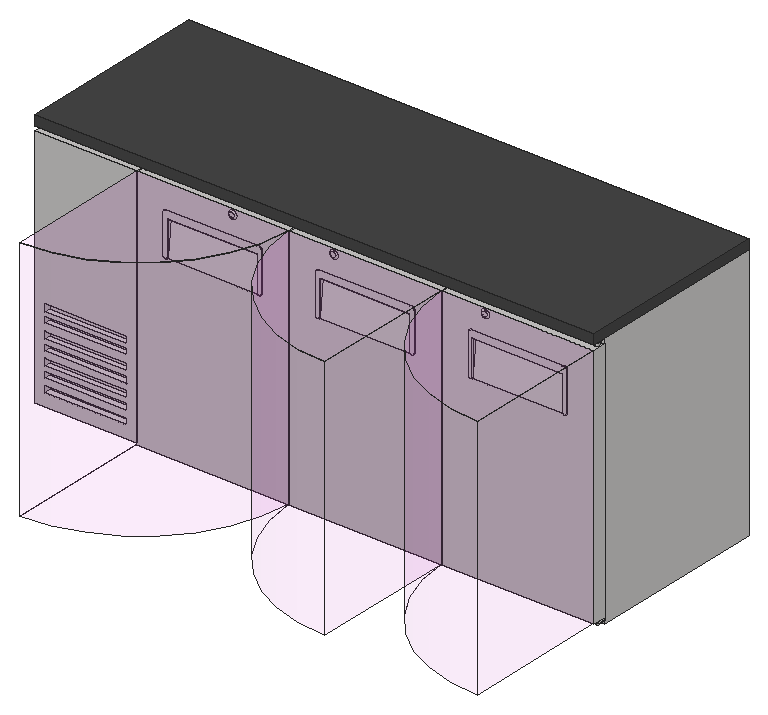
Revit family "QF_True_TBB24-72-3S-Z1-BST-S-1_Solid_Swing_Door_Back_Bar", category Specialty Equipment, Revit 2021 (continued)
Definition of nested family "Family3"
  Definition of nested family "5 INCHES 01_CASTER 2"
    Reference planes (in)
      plane 2 "RIGHT": x = 0
      plane 3 "FRONT": y = 0
      plane 4 "TOP": z = 5
    Forms (in)
      Revolve 1, solid, visible <- "Show 5" Casters"
        sketch origin (-1.93794, 0.99859, -1.0041) x (1, 0, 0) y (0, 0, 1)
          loop
            line (0.74055, 3.0041) -> (0.74055, 2.9286) -> (0.79055, 2.8786) -> (0.85055, 2.8786) -> (0.85055, 2.75852) -> (1.235, 2.75852) -> (1.235, 2.56618) -> (1.37557, 2.48502) -> (1.49133, 1.76972) -> (1.34375, 1.76972) -> (1.34375, 1.53535) -> (1.375, 1.53535) -> (1.375, 1.0041) -> (2.48438, 1.0041) -> (2.48438, 1.53535) -> (2.51563, 1.53535) -> (2.51563, 1.76972) -> (2.36805, 1.76972) -> (2.48438, 2.48853) -> (2.62438, 2.56936) -> (2.62438, 2.75852) -> (3.04007, 2.75852) -> (3.04007, 2.8786) -> (3.10007, 2.8786) -> (3.15007, 2.9286) -> (3.15007, 3.0041) -> (0.74055, 3.0041)
          axis (0.74055, 3.0041) -> (3.15007, 3.0041)
        angle from 0 to 360
      Extrusion 2, solid, visible <- "Show 5" Casters"
        sketch origin (-1.93794, 1.96337, -0.7541) x (0, 1, 0) y (0, 0, 1)
          loop
            line (-3.37739, 5.33423) -> (-3.37739, 4.92712) -> (-2.49294, 4.92712)
            arc (-2.49294, 4.92712) -> (-1.47209, 4.91752) -> (-0.46376, 4.75787) r 6.92153
            arc (-0.46376, 4.75787) -> (0.14199, 4.53396) -> (0.67481, 4.16904) r 2.62713
            line (0.67481, 4.16904) -> (0.7876, 4.33012)
            arc (0.7876, 4.33012) -> (0.48098, 4.5674) -> (0.13288, 4.73811) r 1.91675
            line (0.13288, 4.73811) -> (0.21197, 4.87494)
            arc (0.21197, 4.87494) -> (-0.1576, 5.02102) -> (-0.54934, 5.08775) r 1.91675
            line (-0.54934, 5.08775) -> (-0.54934, 5.33423) -> (-3.37739, 5.33423)
        from 1.17357 to 2.70231
      Revolve 3, solid, visible <- "Show 5" Casters"
        sketch origin (0, 2.15543, -1.25) x (0, 1, 0) y (0, 0, 1)
          loop
            line (-2.21793, 6.25) -> (-2.21793, 5.83014) -> (-1.05793, 5.83014) -> (-1.05793, 6.25) -> (-2.21793, 6.25)
          axis (-2.21793, 5.83014) -> (-2.21793, 6.25)
        angle from 0 to 360
      Extrusion 4, solid, visible <- "Show 5" Casters"
        sketch origin (-1.98481, 1.96337, -0.7541) x (0, 1, 0) y (0, 0, 1)
          loop
            line (-3.37739, 5.33423) -> (-3.37739, 4.92712) -> (-3.13361, 4.92712)
            arc (-3.13361, 4.92712) -> (-2.12623, 3.92533) -> (-1.55834, 2.62307) r 3.79122
            arc (-1.55834, 2.62307) -> (-0.81477, 2.14247) -> (-0.31772, 2.87515) r 0.63314
            arc (-0.31772, 2.87515) -> (-0.02244, 3.67728) -> (0.68637, 4.15498) r 1.39003
            line (0.68637, 4.15498) -> (0.7876, 4.33012)
            arc (0.7876, 4.33012) -> (0.48098, 4.5674) -> (0.13288, 4.73811) r 1.91675
            line (0.13288, 4.73811) -> (0.21197, 4.87494)
            arc (0.21197, 4.87494) -> (-0.1576, 5.02102) -> (-0.54934, 5.08775) r 1.91675
            line (-0.54934, 5.08775) -> (-0.54934, 5.33423) -> (-3.37739, 5.33423)
        from 2.74918 to 2.90825
      Extrusion 5, solid, visible <- "Show 5" Casters"
        sketch origin (1.98481, 1.96337, -0.7541) x (0, 1, 0) y (0, 0, -1)
          loop
            line (-3.37739, -5.33423) -> (-0.54934, -5.33423) -> (-0.54934, -5.08775)
            arc (-0.54934, -5.08775) -> (-0.1576, -5.02102) -> (0.21197, -4.87494) r 1.91675
            line (0.21197, -4.87494) -> (0.13288, -4.73811)
            arc (0.13288, -4.73811) -> (0.48098, -4.5674) -> (0.7876, -4.33012) r 1.91675
            line (0.7876, -4.33012) -> (0.68637, -4.15498)
            arc (0.68637, -4.15498) -> (-0.02244, -3.67728) -> (-0.31772, -2.87515) r 1.39003
            arc (-0.31772, -2.87515) -> (-0.81477, -2.14247) -> (-1.55834, -2.62307) r 0.63314
            arc (-1.55834, -2.62307) -> (-2.12623, -3.92533) -> (-3.13361, -4.92712) r 3.79122
            line (-3.13361, -4.92712) -> (-3.37739, -4.92712) -> (-3.37739, -5.33423)
        from 2.74918 to 2.90825
      Extrusion 6, solid, visible <- "Key Locks"
        sketch origin (-0.96875, 2.04726, -0.57589) x (0, 1, 0) y (0, 0, -1)
          loop
            line (-2.58496, -2.03961) -> (-1.89213, -2.43961) -> (-1.53273, -2.64711)
            arc (-1.53273, -2.64711) -> (-1.45411, -2.76529) -> (-1.38688, -2.89031) r 1.51617
            arc (-1.38688, -2.89031) -> (-1.13602, -3.13035) -> (-0.79652, -3.20306) r 0.63657
            arc (-0.79652, -3.20306) -> (-0.67098, -3.20163) -> (-0.54633, -3.21661) r 0.9589
            line (-0.54633, -3.21661) -> (0.23309, -3.66661) -> (0.42979, -3.32592)
            arc (0.42979, -3.32592) -> (0.46473, -3.10362) -> (0.3415, -2.91533) r 0.313
            line (0.3415, -2.91533) -> (0.21087, -3.04595)
            arc (0.21087, -3.04595) -> (0.24081, -3.14321) -> (0.14284, -3.17074) r 0.07109
            line (0.14284, -3.17074) -> (-0.52795, -2.78336)
            arc (-0.52795, -2.78336) -> (-0.62217, -2.51108) -> (-0.36609, -2.37904) r 0.22
            arc (-0.36609, -2.37904) -> (-0.3435, -2.357) -> (-0.33862, -2.32583) r 0.05
            arc (-0.33862, -2.32583) -> (-0.50047, -2.10967) -> (-0.75504, -2.01961) r 0.46592
            line (-0.75504, -2.01961) -> (-1.49574, -2.01961)
            arc (-1.49574, -2.01961) -> (-1.57675, -2.00894) -> (-1.65224, -1.97767) r 0.313
            line (-1.65224, -1.97767) -> (-2.05389, -1.74578)
            arc (-2.05389, -1.74578) -> (-2.2914, -1.71451) -> (-2.48146, -1.86034) r 0.313
            line (-2.48146, -1.86034) -> (-2.58496, -2.03961)
        from 0 to 0.0625
      Extrusion 7, solid, visible <- "Key Locks"
        sketch origin (-0.96875, 2.04726, -0.57589) x (0, 1, 0) y (0, 0, -1)
          loop
            line (-0.45692, -2.6604) -> (0.47061, -3.19578)
            arc (0.47061, -3.19578) -> (0.44304, -3.03852) -> (0.3415, -2.91533) r 0.313
            line (0.3415, -2.91533) -> (-0.36656, -2.53415)
            arc (-0.36656, -2.53415) -> (-0.48136, -2.54745) -> (-0.45692, -2.6604) r 0.078
        from 0 to 0.5
      Extrusion 8, solid, visible <- "Key Locks"
        sketch origin (0.96875, 2.04726, -0.57589) x (0, 1, 0) y (0, 0, 1)
          loop
            line (-2.58496, 2.03961) -> (-2.48146, 1.86034)
            arc (-2.48146, 1.86034) -> (-2.2914, 1.71451) -> (-2.05389, 1.74578) r 0.313
            line (-2.05389, 1.74578) -> (-1.65224, 1.97767)
            arc (-1.65224, 1.97767) -> (-1.57675, 2.00894) -> (-1.49574, 2.01961) r 0.313
            line (-1.49574, 2.01961) -> (-0.75504, 2.01961)
            arc (-0.75504, 2.01961) -> (-0.50047, 2.10967) -> (-0.33862, 2.32583) r 0.46592
            arc (-0.33862, 2.32583) -> (-0.3435, 2.357) -> (-0.36609, 2.37904) r 0.05
            arc (-0.36609, 2.37904) -> (-0.62217, 2.51108) -> (-0.52795, 2.78336) r 0.22
            line (-0.52795, 2.78336) -> (0.14284, 3.17074)
            arc (0.14284, 3.17074) -> (0.24081, 3.14321) -> (0.21087, 3.04595) r 0.07109
            line (0.21087, 3.04595) -> (0.3415, 2.91533)
            arc (0.3415, 2.91533) -> (0.46473, 3.10362) -> (0.42979, 3.32592) r 0.313
            line (0.42979, 3.32592) -> (0.23309, 3.66661) -> (-0.54633, 3.21661)
            arc (-0.54633, 3.21661) -> (-0.67098, 3.20163) -> (-0.79652, 3.20306) r 0.9589
            arc (-0.79652, 3.20306) -> (-1.13602, 3.13035) -> (-1.38688, 2.89031) r 0.63657
            arc (-1.38688, 2.89031) -> (-1.45411, 2.76529) -> (-1.53273, 2.64711) r 1.51617
            line (-1.53273, 2.64711) -> (-1.89213, 2.43961) -> (-2.58496, 2.03961)
        from 0 to 0.0625
      Extrusion 9, solid, visible <- "Key Locks"
        sketch origin (0.96875, 2.04726, -0.57589) x (0, 1, 0) y (0, 0, 1)
          loop
            arc (-0.45692, 2.6604) -> (-0.48136, 2.54745) -> (-0.36656, 2.53415) r 0.078
            line (-0.36656, 2.53415) -> (0.3415, 2.91533)
            arc (0.3415, 2.91533) -> (0.44304, 3.03852) -> (0.47061, 3.19578) r 0.313
            line (0.47061, 3.19578) -> (-0.45692, 2.6604)
        from 0 to 0.5
    Cuts and joins
      joined: Extrusion 2, Extrusion 4, Extrusion 5
    Lines and regions (in)
      symbolic lines, visible <- "Show 5" Casters"
        curve 1: line (0.54262, 2.21348, 0) -> (1.50337, 1.65879, 0)
        curve 2: line (-1.45738, -1.25062, 0) -> (-0.70738, 0.04842, 0)
        curve 3: line (-0.49663, -1.80531, 0) -> (-1.45738, -1.25062, 0)
        curve 4: line (1.50337, 1.65879, 0) -> (0.75337, 0.35975, 0)
        curve 5: line (-0.20738, 0.91444, 0) -> (0.54262, 2.21348, 0)
        curve 6: line (0.25337, -0.50627, 0) -> (-0.49663, -1.80531, 0)
    Dimensions and locks (in)
      plane 4 "TOP" to level = 5"  (x2)
      aligned and locked: level to plane 1
  Definition of nested family "6 INCHES LEGS"
    Parameters (values of type "6 INCHES LEGS")
      Weight = ""
      URL Manufacturer = ""
      URL Cutsheet = ""
      URL = ""
      Type Mark [instance] = ""
      Status [instance] = ""
      Specification by User [instance] = ""
      Specification by Manufacturer = ""
      Show 6" Legs [instance] = yes
      Show Seismic Flanged [instance] = yes
      Serial Number = ""
      Seismic Rating = ""
      SMACNA No = ""
      Revision Code [instance] = ""
      Omniclass Number and Title = ""
      NAFEM Spec ID Number = ""
      Model = ""
      MasterSpec. = ""
      Manufacturer = ""
      Item Number [instance] = ""
      Installed By [instance] = ""
      Identify Quantity as Lot [instance] = yes
      Furnished By [instance] = ""
      Foodservice Equipment Identifier [instance] = yes
      Description = ""
      Default Elevation = 0"
      CSI MasterFormat = ""
      CSI Master Format = ""
      Assembly Code = ""
    Reference planes (in)
      plane 1: z = 0
      plane 2 "RIGHT": x = 0
      plane 3 "FRONT": y = 0
      plane 4 "TOP": z = 6
    Forms (in)
      Revolve 1, solid, visible <- "Show 6" Legs"
        sketch origin (11.12172, 0, 0) x (-1, 0, 0) y (0, 0, -1)
          loop
            line (11.12172, -6) -> (11.12172, 0) -> (10.62172, 0) -> (10.62172, -1.30261) -> (10.37172, -1.30261) -> (10.37172, -6) -> (11.12172, -6)
          axis (11.12172, 0) -> (11.12172, -6)
        angle from 0 to 360
      Extrusion 2, solid, visible <- "Show Seismic Flanged"
        sketch origin (0, 0, 0) x (1, 0, 0) y (0, 1, 0)
          loop
            circle (0, 0) r 1
        from 0 to 0.03125
    Dimensions and locks (in)
      plane 4 "TOP" to level = 6"  (x2)
      locked: Revolve 1 sketch curve to Revolve 1 sketch curve at 1.30261
      locked: Revolve 1 sketch curve to Revolve 1 sketch curve at 0.75
      aligned and locked: level to plane 1
  Definition of nested family "6 INCHES LEGS WITH FLANGED"
    Parameters (values of type "6 INCHES LEGS WITH FLANGED")
      Weight = ""
      URL Manufacturer = ""
      URL Cutsheet = ""
      URL = ""
      Type Mark [instance] = ""
      Status [instance] = ""
      Specification by User [instance] = ""
      Specification by Manufacturer = ""
      Show 6" Seismic Flanged [instance] = yes
      Serial Number = ""
      Seismic Rating = ""
      SMACNA No = ""
      Revision Code [instance] = ""
      Omniclass Number and Title = ""
      NAFEM Spec ID Number = ""
      Model = ""
      MasterSpec. = ""
      Manufacturer = ""
      Item Number [instance] = ""
      Installed By [instance] = ""
      Identify Quantity as Lot [instance] = yes
      Furnished By [instance] = ""
      Foodservice Equipment Identifier [instance] = yes
      Description = ""
      Default Elevation = 0"
      CSI MasterFormat = ""
      CSI Master Format = ""
      Assembly Code = ""
    Reference planes (in)
      plane 1: z = 0
      plane 2 "RIGHT": x = 0
      plane 3 "FRONT": y = 0
      plane 4 "TOP": z = 6
    Forms (in)
      Revolve 1, solid, visible <- "Show 6" Seismic Flanged"
        sketch origin (11.12172, 0, 0) x (-1, 0, 0) y (0, 0, -1)
          loop
            line (11.12172, -6) -> (11.12172, 0) -> (10.62172, 0) -> (10.62172, -1.30261) -> (10.37172, -1.30261) -> (10.37172, -6) -> (11.12172, -6)
          axis (11.12172, 0) -> (11.12172, -6)
        angle from 0 to 360
      Extrusion 2, solid, visible <- "Show 6" Seismic Flanged"
        sketch origin (0, 0, 0) x (1, 0, 0) y (0, 1, 0)
          loop
            circle (0, 0) r 1
        from 0 to 0.03125
    Dimensions and locks (in)
      plane 4 "TOP" to level = 6"  (x2)
      locked: Revolve 1 sketch curve to Revolve 1 sketch curve at 1.30261
      locked: Revolve 1 sketch curve to Revolve 1 sketch curve at 0.75
      aligned and locked: level to plane 1
